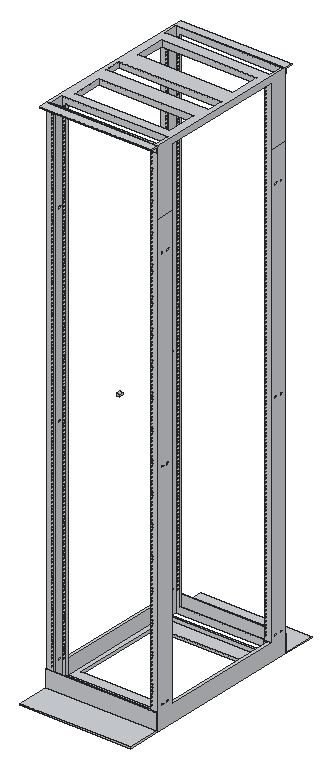
Revit family
Parameters
  Material ID = "760082537\r\n"
  Description = "29 IN (737 MM) D X 8 FT (2438 MM) H - 19 IN (482.6 MM) AL EQUIPMENT RACK (52U) 12-24 TAPPED RAILS, BLACK\r\n"
Reference planes (in)
  plane 1 "Center (Front/Back)": y = 0
  plane 2: z = 0
  plane 3 "Center (Left/Right)": x = 0
Forms (in)
  Extrusion 1, solid, not visible
    sketch origin (0, -14.305, 0) x (1, 0, 0) y (0, 0, 1)
      loop
        line (-8.5516, 0.86) -> (-8.5516, 0.46) -> (-7.9516, 0.46) -> (-7.9516, 0.86) -> (-8.5516, 0.86)
    from 0 to 0.77696
  Extrusion 2, solid
    sketch origin (0, 0, 0) x (1, 0, 0) y (0, 0, 1)
      loop
        line (-10.175, 42) -> (-10.175, -42) -> (10.175, -42) -> (10.175, 42) -> (10.175, 54.12) -> (-10.175, 54.12) -> (-10.175, 42)
    from 0 to 29
  Extrusion 3, void
    sketch origin (0, 0, 0) x (1, 0, 0) y (0, 0, 1)
      loop
        line (-8.905, 53.06396) -> (-8.905, -40.8) -> (8.905, -40.8) -> (8.905, 53.06396) -> (-8.905, 53.06396)
    from 0 to 36
  Extrusion 4, void
    sketch origin (0, 0, 0) x (0, 1, 0) y (0, 0, 1)
      loop
        line (-3, 53.06396) -> (-25.79784, 53.06396) -> (-25.79784, -38.785) -> (-3, -38.785) -> (-3, 53.06396)
    from -31.70377 to 17.99623
  Extrusion 5, void
    sketch origin (0, 0, 0) x (0, 1, 0) y (0, 0, 1)
      loop
        line (-0.2, 59.72052) -> (-2.8, 59.72052) -> (-2.8, -66.46573) -> (-0.2, -66.46573) -> (-0.2, 59.72052)
    from -9.61605 to 9.71756
  Extrusion 6, void
    sketch origin (0, -29, 0) x (0, -1, 0) y (0, 0, -1)
      loop
        line (-0.2, -59.72052) -> (-0.2, 63.44959) -> (-2.8, 63.44959) -> (-2.8, -59.72052) -> (-0.2, -59.72052)
    from -9.61605 to 9.71756
  Extrusion 7, solid
    sketch origin (0, 0, -12) x (0, 1, 0) y (0, 0, 1)
      loop
        line (-29, -29.985) -> (-29, -26.785) -> (-29.2, -26.785) -> (-29.2, -29.785) -> (-35.2, -29.785) -> (-35.2, -29.985) -> (-29, -29.985)
      loop
        line (-29, 66.12) -> (-30.575, 66.12) -> (-30.575, 65.92) -> (-29.2, 65.92) -> (-29.2, 65.06396) -> (-29, 65.06396) -> (-29, 66.12)
      loop
        line (0, 66.12) -> (0, 65.06396) -> (0.2, 65.06396) -> (0.2, 65.92) -> (1.575, 65.92) -> (1.575, 66.12) -> (0, 66.12)
      loop
        line (0, -30) -> (6.2, -30) -> (6.2, -29.8) -> (0.2, -29.8) -> (0.2, -26.8) -> (0, -26.8) -> (0, -30)
    from -10.155 to 10.155
  Extrusion 8, void
    sketch origin (0, 0, 0) x (1, 0, 0) y (0, 1, 0)
      loop
        line (8.81573, -4.65622) -> (-8.68427, -4.65622) -> (-8.68427, -10.15622) -> (8.81573, -10.15622) -> (8.81573, -4.65622)
      loop
        line (9.39397, -13.32974) -> (-9.60603, -13.32974) -> (-9.60603, -16.32974) -> (9.39397, -16.32974) -> (9.39397, -13.32974)
      loop
        line (8.81573, -19.04784) -> (-8.68427, -19.04784) -> (-8.68427, -24.54784) -> (8.81573, -24.54784) -> (8.81573, -19.04784)
    from 62.04366 to 16.10929
  Extrusion 9, void
    sketch origin (0, 0, 0) x (1, 0, 0) y (0, 1, 0)
      loop
        line (8.74608, -23) -> (8.74608, -5.96462) -> (-8.75392, -5.96462) -> (-8.75392, -23) -> (8.74608, -23)
    from -52.54303 to 38.86972
  Extrusion 10, void
    sketch origin (0, 0, 0) x (0, 1, 0) y (0, 0, 1)
      loop
        circle (-26.875, 36.12) r 0.335
      loop
        circle (-28.125, 36.12) r 0.335
      loop
        circle (-0.875, 36.12) r 0.335
      loop
        circle (-2.125, 36.12) r 0.335
      loop
        circle (-26.875, 1.12) r 0.335
      loop
        circle (-28.125, 1.12) r 0.335
      loop
        circle (-0.875, 1.12) r 0.335
      loop
        circle (-2.125, 1.12) r 0.335
      loop
        circle (-26.875, -37.88) r 0.335
      loop
        circle (-28.125, -37.88) r 0.335
      loop
        circle (-0.875, -37.88) r 0.335
      loop
        circle (-2.125, -37.88) r 0.335
    from -24.88707 to 25.18322
  Extrusion 11, void
    sketch origin (0, 0, 0) x (1, 0, 0) y (0, 1, 0)
      loop
        line (-9.68285, -25.79784) -> (9.56715, -25.79784) -> (9.56715, -3.2) -> (-9.68285, -3.2) -> (-9.68285, -25.79784)
    from -41.49635 to -29.49635
  Extrusion 12, void
    sketch origin (0, 0, -12.25) x (1, 0, 0) y (0, 0, 1)
      loop
        circle (-9.175, 52.515) r 0.089
      loop
        circle (-9.175, 51.89) r 0.089
      loop
        circle (-9.175, 51.265) r 0.089
      loop
        circle (9.175, 52.515) r 0.089
      loop
        circle (9.175, 51.89) r 0.089
      loop
        circle (9.175, 51.265) r 0.089
    from 0 to 36
  Extrusion 13, void
    sketch origin (0, 0, -14) x (1, 0, 0) y (0, 0, 1)
      loop
        circle (-9.175, 52.515) r 0.089
      loop
        circle (-9.175, 51.89) r 0.089
      loop
        circle (-9.175, 51.265) r 0.089
      loop
        circle (9.175, 52.515) r 0.089
      loop
        circle (9.175, 51.89) r 0.089
      loop
        circle (9.175, 51.265) r 0.089
    from 0 to 36
  Extrusion 14, void
    sketch origin (0, 0, -15.75) x (1, 0, 0) y (0, 0, 1)
      loop
        circle (-9.175, 52.515) r 0.089
      loop
        circle (-9.175, 51.89) r 0.089
      loop
        circle (-9.175, 51.265) r 0.089
      loop
        circle (9.175, 52.515) r 0.089
      loop
        circle (9.175, 51.89) r 0.089
      loop
        circle (9.175, 51.265) r 0.089
    from 0 to 36
  Extrusion 15, void
    sketch origin (0, 0, -17.5) x (1, 0, 0) y (0, 0, 1)
      loop
        circle (-9.175, 52.515) r 0.089
      loop
        circle (-9.175, 51.89) r 0.089
      loop
        circle (-9.175, 51.265) r 0.089
      loop
        circle (9.175, 52.515) r 0.089
      loop
        circle (9.175, 51.89) r 0.089
      loop
        circle (9.175, 51.265) r 0.089
    from 0 to 36
  Extrusion 16, void
    sketch origin (0, 0, -19.25) x (1, 0, 0) y (0, 0, 1)
      loop
        circle (-9.175, 52.515) r 0.089
      loop
        circle (-9.175, 51.89) r 0.089
      loop
        circle (-9.175, 51.265) r 0.089
      loop
        circle (9.175, 52.515) r 0.089
      loop
        circle (9.175, 51.89) r 0.089
      loop
        circle (9.175, 51.265) r 0.089
    from 0 to 36
  Extrusion 17, void
    sketch origin (0, 0, -21) x (1, 0, 0) y (0, 0, 1)
      loop
        circle (-9.175, 52.515) r 0.089
      loop
        circle (-9.175, 51.89) r 0.089
      loop
        circle (-9.175, 51.265) r 0.089
      loop
        circle (9.175, 52.515) r 0.089
      loop
        circle (9.175, 51.89) r 0.089
      loop
        circle (9.175, 51.265) r 0.089
    from 0 to 36
  Extrusion 18, void
    sketch origin (0, 0, -22.75) x (1, 0, 0) y (0, 0, 1)
      loop
        circle (-9.175, 52.515) r 0.089
      loop
        circle (-9.175, 51.89) r 0.089
      loop
        circle (-9.175, 51.265) r 0.089
      loop
        circle (9.175, 52.515) r 0.089
      loop
        circle (9.175, 51.89) r 0.089
      loop
        circle (9.175, 51.265) r 0.089
    from 0 to 36
  Extrusion 19, void
    sketch origin (0, 0, -24.5) x (1, 0, 0) y (0, 0, 1)
      loop
        circle (-9.175, 52.515) r 0.089
      loop
        circle (-9.175, 51.89) r 0.089
      loop
        circle (-9.175, 51.265) r 0.089
      loop
        circle (9.175, 52.515) r 0.089
      loop
        circle (9.175, 51.89) r 0.089
      loop
        circle (9.175, 51.265) r 0.089
    from 0 to 36
  Extrusion 20, void
    sketch origin (0, 0, -26.25) x (1, 0, 0) y (0, 0, 1)
      loop
        circle (-9.175, 52.515) r 0.089
      loop
        circle (-9.175, 51.89) r 0.089
      loop
        circle (-9.175, 51.265) r 0.089
      loop
        circle (9.175, 52.515) r 0.089
      loop
        circle (9.175, 51.89) r 0.089
      loop
        circle (9.175, 51.265) r 0.089
    from 0 to 36
  Extrusion 21, void
    sketch origin (0, 0, -28) x (1, 0, 0) y (0, 0, 1)
      loop
        circle (-9.175, 52.515) r 0.089
      loop
        circle (-9.175, 51.89) r 0.089
      loop
        circle (-9.175, 51.265) r 0.089
      loop
        circle (9.175, 52.515) r 0.089
      loop
        circle (9.175, 51.89) r 0.089
      loop
        circle (9.175, 51.265) r 0.089
    from 0 to 36
  Extrusion 22, void
    sketch origin (0, 0, -29.75) x (1, 0, 0) y (0, 0, 1)
      loop
        circle (-9.175, 52.515) r 0.089
      loop
        circle (-9.175, 51.89) r 0.089
      loop
        circle (-9.175, 51.265) r 0.089
      loop
        circle (9.175, 52.515) r 0.089
      loop
        circle (9.175, 51.89) r 0.089
      loop
        circle (9.175, 51.265) r 0.089
    from 0 to 36
  Extrusion 23, void
    sketch origin (0, 0, -31.5) x (1, 0, 0) y (0, 0, 1)
      loop
        circle (-9.175, 52.515) r 0.089
      loop
        circle (-9.175, 51.89) r 0.089
      loop
        circle (-9.175, 51.265) r 0.089
      loop
        circle (9.175, 52.515) r 0.089
      loop
        circle (9.175, 51.89) r 0.089
      loop
        circle (9.175, 51.265) r 0.089
    from 0 to 36
  Extrusion 24, void
    sketch origin (0, 0, -33.25) x (1, 0, 0) y (0, 0, 1)
      loop
        circle (-9.175, 52.515) r 0.089
      loop
        circle (-9.175, 51.89) r 0.089
      loop
        circle (-9.175, 51.265) r 0.089
      loop
        circle (9.175, 52.515) r 0.089
      loop
        circle (9.175, 51.89) r 0.089
      loop
        circle (9.175, 51.265) r 0.089
    from 0 to 36
  Extrusion 25, void
    sketch origin (0, 0, -35) x (1, 0, 0) y (0, 0, 1)
      loop
        circle (-9.175, 52.515) r 0.089
      loop
        circle (-9.175, 51.89) r 0.089
      loop
        circle (-9.175, 51.265) r 0.089
      loop
        circle (9.175, 52.515) r 0.089
      loop
        circle (9.175, 51.89) r 0.089
      loop
        circle (9.175, 51.265) r 0.089
    from 0 to 36
  Extrusion 26, void
    sketch origin (0, 0, -36.75) x (1, 0, 0) y (0, 0, 1)
      loop
        circle (-9.175, 52.515) r 0.089
      loop
        circle (-9.175, 51.89) r 0.089
      loop
        circle (-9.175, 51.265) r 0.089
      loop
        circle (9.175, 52.515) r 0.089
      loop
        circle (9.175, 51.89) r 0.089
      loop
        circle (9.175, 51.265) r 0.089
    from 0 to 36
  Extrusion 27, void
    sketch origin (0, 0, -38.5) x (1, 0, 0) y (0, 0, 1)
      loop
        circle (-9.175, 52.515) r 0.089
      loop
        circle (-9.175, 51.89) r 0.089
      loop
        circle (-9.175, 51.265) r 0.089
      loop
        circle (9.175, 52.515) r 0.089
      loop
        circle (9.175, 51.89) r 0.089
      loop
        circle (9.175, 51.265) r 0.089
    from 0 to 36
  Extrusion 28, void
    sketch origin (0, 0, -40.25) x (1, 0, 0) y (0, 0, 1)
      loop
        circle (-9.175, 52.515) r 0.089
      loop
        circle (-9.175, 51.89) r 0.089
      loop
        circle (-9.175, 51.265) r 0.089
      loop
        circle (9.175, 52.515) r 0.089
      loop
        circle (9.175, 51.89) r 0.089
      loop
        circle (9.175, 51.265) r 0.089
    from 0 to 36
  Extrusion 29, void
    sketch origin (0, 0, -42) x (1, 0, 0) y (0, 0, 1)
      loop
        circle (-9.175, 52.515) r 0.089
      loop
        circle (-9.175, 51.89) r 0.089
      loop
        circle (-9.175, 51.265) r 0.089
      loop
        circle (9.175, 52.515) r 0.089
      loop
        circle (9.175, 51.89) r 0.089
      loop
        circle (9.175, 51.265) r 0.089
    from 0 to 36
  Extrusion 30, void
    sketch origin (0, 0, -43.75) x (1, 0, 0) y (0, 0, 1)
      loop
        circle (-9.175, 52.515) r 0.089
      loop
        circle (-9.175, 51.89) r 0.089
      loop
        circle (-9.175, 51.265) r 0.089
      loop
        circle (9.175, 52.515) r 0.089
      loop
        circle (9.175, 51.89) r 0.089
      loop
        circle (9.175, 51.265) r 0.089
    from 0 to 36
  Extrusion 31, void
    sketch origin (0, 0, -45.5) x (1, 0, 0) y (0, 0, 1)
      loop
        circle (-9.175, 52.515) r 0.089
      loop
        circle (-9.175, 51.89) r 0.089
      loop
        circle (-9.175, 51.265) r 0.089
      loop
        circle (9.175, 52.515) r 0.089
      loop
        circle (9.175, 51.89) r 0.089
      loop
        circle (9.175, 51.265) r 0.089
    from 0 to 36
  Extrusion 32, void
    sketch origin (0, 0, -47.25) x (1, 0, 0) y (0, 0, 1)
      loop
        circle (-9.175, 52.515) r 0.089
      loop
        circle (-9.175, 51.89) r 0.089
      loop
        circle (-9.175, 51.265) r 0.089
      loop
        circle (9.175, 52.515) r 0.089
      loop
        circle (9.175, 51.89) r 0.089
      loop
        circle (9.175, 51.265) r 0.089
    from 0 to 36
  Extrusion 33, void
    sketch origin (0, 0, -49) x (1, 0, 0) y (0, 0, 1)
      loop
        circle (-9.175, 52.515) r 0.089
      loop
        circle (-9.175, 51.89) r 0.089
      loop
        circle (-9.175, 51.265) r 0.089
      loop
        circle (9.175, 52.515) r 0.089
      loop
        circle (9.175, 51.89) r 0.089
      loop
        circle (9.175, 51.265) r 0.089
    from 0 to 36
  Extrusion 34, void
    sketch origin (0, 0, -50.75) x (1, 0, 0) y (0, 0, 1)
      loop
        circle (-9.175, 52.515) r 0.089
      loop
        circle (-9.175, 51.89) r 0.089
      loop
        circle (-9.175, 51.265) r 0.089
      loop
        circle (9.175, 52.515) r 0.089
      loop
        circle (9.175, 51.89) r 0.089
      loop
        circle (9.175, 51.265) r 0.089
    from 0 to 36
  Extrusion 35, void
    sketch origin (0, 0, -52.5) x (1, 0, 0) y (0, 0, 1)
      loop
        circle (-9.175, 52.515) r 0.089
      loop
        circle (-9.175, 51.89) r 0.089
      loop
        circle (-9.175, 51.265) r 0.089
      loop
        circle (9.175, 52.515) r 0.089
      loop
        circle (9.175, 51.89) r 0.089
      loop
        circle (9.175, 51.265) r 0.089
    from 0 to 36
  Extrusion 36, void
    sketch origin (0, 0, -54.25) x (1, 0, 0) y (0, 0, 1)
      loop
        circle (-9.175, 52.515) r 0.089
      loop
        circle (-9.175, 51.89) r 0.089
      loop
        circle (-9.175, 51.265) r 0.089
      loop
        circle (9.175, 52.515) r 0.089
      loop
        circle (9.175, 51.89) r 0.089
      loop
        circle (9.175, 51.265) r 0.089
    from 0 to 36
  Extrusion 37, void
    sketch origin (0, 0, -56) x (1, 0, 0) y (0, 0, 1)
      loop
        circle (-9.175, 52.515) r 0.089
      loop
        circle (-9.175, 51.89) r 0.089
      loop
        circle (-9.175, 51.265) r 0.089
      loop
        circle (9.175, 52.515) r 0.089
      loop
        circle (9.175, 51.89) r 0.089
      loop
        circle (9.175, 51.265) r 0.089
    from 0 to 36
  Extrusion 38, void
    sketch origin (0, 0, -57.75) x (1, 0, 0) y (0, 0, 1)
      loop
        circle (-9.175, 52.515) r 0.089
      loop
        circle (-9.175, 51.89) r 0.089
      loop
        circle (-9.175, 51.265) r 0.089
      loop
        circle (9.175, 52.515) r 0.089
      loop
        circle (9.175, 51.89) r 0.089
      loop
        circle (9.175, 51.265) r 0.089
    from 0 to 36
  Extrusion 39, void
    sketch origin (0, 0, -59.5) x (1, 0, 0) y (0, 0, 1)
      loop
        circle (-9.175, 52.515) r 0.089
      loop
        circle (-9.175, 51.89) r 0.089
      loop
        circle (-9.175, 51.265) r 0.089
      loop
        circle (9.175, 52.515) r 0.089
      loop
        circle (9.175, 51.89) r 0.089
      loop
        circle (9.175, 51.265) r 0.089
    from 0 to 36
  Extrusion 40, void
    sketch origin (0, 0, -61.25) x (1, 0, 0) y (0, 0, 1)
      loop
        circle (-9.175, 52.515) r 0.089
      loop
        circle (-9.175, 51.89) r 0.089
      loop
        circle (-9.175, 51.265) r 0.089
      loop
        circle (9.175, 52.515) r 0.089
      loop
        circle (9.175, 51.89) r 0.089
      loop
        circle (9.175, 51.265) r 0.089
    from 0 to 36
  Extrusion 41, void
    sketch origin (0, 0, -63) x (1, 0, 0) y (0, 0, 1)
      loop
        circle (-9.175, 52.515) r 0.089
      loop
        circle (-9.175, 51.89) r 0.089
      loop
        circle (-9.175, 51.265) r 0.089
      loop
        circle (9.175, 52.515) r 0.089
      loop
        circle (9.175, 51.89) r 0.089
      loop
        circle (9.175, 51.265) r 0.089
    from 0 to 36
  Extrusion 42, void
    sketch origin (0, 0, -64.75) x (1, 0, 0) y (0, 0, 1)
      loop
        circle (-9.175, 52.515) r 0.089
      loop
        circle (-9.175, 51.89) r 0.089
      loop
        circle (-9.175, 51.265) r 0.089
      loop
        circle (9.175, 52.515) r 0.089
      loop
        circle (9.175, 51.89) r 0.089
      loop
        circle (9.175, 51.265) r 0.089
    from 0 to 36
  Extrusion 43, void
    sketch origin (0, 0, -66.5) x (1, 0, 0) y (0, 0, 1)
      loop
        circle (-9.175, 52.515) r 0.089
      loop
        circle (-9.175, 51.89) r 0.089
      loop
        circle (-9.175, 51.265) r 0.089
      loop
        circle (9.175, 52.515) r 0.089
      loop
        circle (9.175, 51.89) r 0.089
      loop
        circle (9.175, 51.265) r 0.089
    from 0 to 36
  Extrusion 44, void
    sketch origin (0, 0, -68.25) x (1, 0, 0) y (0, 0, 1)
      loop
        circle (-9.175, 52.515) r 0.089
      loop
        circle (-9.175, 51.89) r 0.089
      loop
        circle (-9.175, 51.265) r 0.089
      loop
        circle (9.175, 52.515) r 0.089
      loop
        circle (9.175, 51.89) r 0.089
      loop
        circle (9.175, 51.265) r 0.089
    from 0 to 36
  Extrusion 45, void
    sketch origin (0, 0, -70) x (1, 0, 0) y (0, 0, 1)
      loop
        circle (-9.175, 52.515) r 0.089
      loop
        circle (-9.175, 51.89) r 0.089
      loop
        circle (-9.175, 51.265) r 0.089
      loop
        circle (9.175, 52.515) r 0.089
      loop
        circle (9.175, 51.89) r 0.089
      loop
        circle (9.175, 51.265) r 0.089
    from 0 to 36
  Extrusion 46, void
    sketch origin (0, 0, -71.75) x (1, 0, 0) y (0, 0, 1)
      loop
        circle (-9.175, 52.515) r 0.089
      loop
        circle (-9.175, 51.89) r 0.089
      loop
        circle (-9.175, 51.265) r 0.089
      loop
        circle (9.175, 52.515) r 0.089
      loop
        circle (9.175, 51.89) r 0.089
      loop
        circle (9.175, 51.265) r 0.089
    from 0 to 36
  Extrusion 47, void
    sketch origin (0, 0, -73.5) x (1, 0, 0) y (0, 0, 1)
      loop
        circle (-9.175, 52.515) r 0.089
      loop
        circle (-9.175, 51.89) r 0.089
      loop
        circle (-9.175, 51.265) r 0.089
      loop
        circle (9.175, 52.515) r 0.089
      loop
        circle (9.175, 51.89) r 0.089
      loop
        circle (9.175, 51.265) r 0.089
    from 0 to 36
  Extrusion 48, void
    sketch origin (0, 0, -75.25) x (1, 0, 0) y (0, 0, 1)
      loop
        circle (-9.175, 52.515) r 0.089
      loop
        circle (-9.175, 51.89) r 0.089
      loop
        circle (-9.175, 51.265) r 0.089
      loop
        circle (9.175, 52.515) r 0.089
      loop
        circle (9.175, 51.89) r 0.089
      loop
        circle (9.175, 51.265) r 0.089
    from 0 to 36
  Extrusion 49, void
    sketch origin (0, 0, -77) x (1, 0, 0) y (0, 0, 1)
      loop
        circle (-9.175, 52.515) r 0.089
      loop
        circle (-9.175, 51.89) r 0.089
      loop
        circle (-9.175, 51.265) r 0.089
      loop
        circle (9.175, 52.515) r 0.089
      loop
        circle (9.175, 51.89) r 0.089
      loop
        circle (9.175, 51.265) r 0.089
    from 0 to 36
  Extrusion 50, void
    sketch origin (0, 0, -78.75) x (1, 0, 0) y (0, 0, 1)
      loop
        circle (-9.175, 52.515) r 0.089
      loop
        circle (-9.175, 51.89) r 0.089
      loop
        circle (-9.175, 51.265) r 0.089
      loop
        circle (9.175, 52.515) r 0.089
      loop
        circle (9.175, 51.89) r 0.089
      loop
        circle (9.175, 51.265) r 0.089
    from 0 to 36
  Extrusion 51, void
    sketch origin (0, 0, -80.5) x (1, 0, 0) y (0, 0, 1)
      loop
        circle (-9.175, 52.515) r 0.089
      loop
        circle (-9.175, 51.89) r 0.089
      loop
        circle (-9.175, 51.265) r 0.089
      loop
        circle (9.175, 52.515) r 0.089
      loop
        circle (9.175, 51.89) r 0.089
      loop
        circle (9.175, 51.265) r 0.089
    from 0 to 36
  Extrusion 52, void
    sketch origin (0, 0, -82.25) x (1, 0, 0) y (0, 0, 1)
      loop
        circle (-9.175, 52.515) r 0.089
      loop
        circle (-9.175, 51.89) r 0.089
      loop
        circle (-9.175, 51.265) r 0.089
      loop
        circle (9.175, 52.515) r 0.089
      loop
        circle (9.175, 51.89) r 0.089
      loop
        circle (9.175, 51.265) r 0.089
    from 0 to 36
  Extrusion 53, void
    sketch origin (0, 0, -84) x (1, 0, 0) y (0, 0, 1)
      loop
        circle (-9.175, 52.515) r 0.089
      loop
        circle (-9.175, 51.89) r 0.089
      loop
        circle (-9.175, 51.265) r 0.089
      loop
        circle (9.175, 52.515) r 0.089
      loop
        circle (9.175, 51.89) r 0.089
      loop
        circle (9.175, 51.265) r 0.089
    from 0 to 36
  Extrusion 54, void
    sketch origin (0, 0, -85.75) x (1, 0, 0) y (0, 0, 1)
      loop
        circle (-9.175, 52.515) r 0.089
      loop
        circle (-9.175, 51.89) r 0.089
      loop
        circle (-9.175, 51.265) r 0.089
      loop
        circle (9.175, 52.515) r 0.089
      loop
        circle (9.175, 51.89) r 0.089
      loop
        circle (9.175, 51.265) r 0.089
    from 0 to 36
  Extrusion 55, void
    sketch origin (0, 0, -87.5) x (1, 0, 0) y (0, 0, 1)
      loop
        circle (-9.175, 52.515) r 0.089
      loop
        circle (-9.175, 51.89) r 0.089
      loop
        circle (-9.175, 51.265) r 0.089
      loop
        circle (9.175, 52.515) r 0.089
      loop
        circle (9.175, 51.89) r 0.089
      loop
        circle (9.175, 51.265) r 0.089
    from 0 to 36
  Extrusion 56, void
    sketch origin (0, 0, -89.25) x (1, 0, 0) y (0, 0, 1)
      loop
        circle (-9.175, 52.515) r 0.089
      loop
        circle (-9.175, 51.89) r 0.089
      loop
        circle (-9.175, 51.265) r 0.089
      loop
        circle (9.175, 52.515) r 0.089
      loop
        circle (9.175, 51.89) r 0.089
      loop
        circle (9.175, 51.265) r 0.089
    from 0 to 36
  Extrusion 57, void
    sketch origin (0, 0, -10.5) x (1, 0, 0) y (0, 0, 1)
      loop
        circle (-9.175, 52.515) r 0.089
      loop
        circle (-9.175, 51.89) r 0.089
      loop
        circle (-9.175, 51.265) r 0.089
      loop
        circle (9.175, 52.515) r 0.089
      loop
        circle (9.175, 51.89) r 0.089
      loop
        circle (9.175, 51.265) r 0.089
    from 0 to 36
  Extrusion 58, void
    sketch origin (0, 0, -8.75) x (1, 0, 0) y (0, 0, 1)
      loop
        circle (-9.175, 52.515) r 0.089
      loop
        circle (-9.175, 51.89) r 0.089
      loop
        circle (-9.175, 51.265) r 0.089
      loop
        circle (9.175, 52.515) r 0.089
      loop
        circle (9.175, 51.89) r 0.089
      loop
        circle (9.175, 51.265) r 0.089
    from 0 to 36
  Extrusion 59, void
    sketch origin (0, 0, -7) x (1, 0, 0) y (0, 0, 1)
      loop
        circle (-9.175, 52.515) r 0.089
      loop
        circle (-9.175, 51.89) r 0.089
      loop
        circle (-9.175, 51.265) r 0.089
      loop
        circle (9.175, 52.515) r 0.089
      loop
        circle (9.175, 51.89) r 0.089
      loop
        circle (9.175, 51.265) r 0.089
    from 0 to 36
  Extrusion 60, void
    sketch origin (0, 0, -5.25) x (1, 0, 0) y (0, 0, 1)
      loop
        circle (-9.175, 52.515) r 0.089
      loop
        circle (-9.175, 51.89) r 0.089
      loop
        circle (-9.175, 51.265) r 0.089
      loop
        circle (9.175, 52.515) r 0.089
      loop
        circle (9.175, 51.89) r 0.089
      loop
        circle (9.175, 51.265) r 0.089
    from 0 to 36
  Extrusion 61, void
    sketch origin (0, 0, -3.5) x (1, 0, 0) y (0, 0, 1)
      loop
        circle (-9.175, 52.515) r 0.089
      loop
        circle (-9.175, 51.89) r 0.089
      loop
        circle (-9.175, 51.265) r 0.089
      loop
        circle (9.175, 52.515) r 0.089
      loop
        circle (9.175, 51.89) r 0.089
      loop
        circle (9.175, 51.265) r 0.089
    from 0 to 36
  Extrusion 62, void
    sketch origin (0, 0, -1.75) x (1, 0, 0) y (0, 0, 1)
      loop
        circle (-9.175, 52.515) r 0.089
      loop
        circle (-9.175, 51.89) r 0.089
      loop
        circle (-9.175, 51.265) r 0.089
      loop
        circle (9.175, 52.515) r 0.089
      loop
        circle (9.175, 51.89) r 0.089
      loop
        circle (9.175, 51.265) r 0.089
    from 0 to 36
  Extrusion 63, void
    sketch origin (0, 0, 0) x (1, 0, 0) y (0, 0, 1)
      loop
        circle (-9.175, 52.515) r 0.089
      loop
        circle (-9.175, 51.89) r 0.089
      loop
        circle (-9.175, 51.265) r 0.089
      loop
        circle (9.175, 52.515) r 0.089
      loop
        circle (9.175, 51.89) r 0.089
      loop
        circle (9.175, 51.265) r 0.089
    from 0 to 36
Cuts and joins
  Extrusion 3, Extrusion 4, Extrusion 5, Extrusion 6, Extrusion 8, Extrusion 9, Extrusion 10, Extrusion 11, Extrusion 12, Extrusion 13, Extrusion 14, Extrusion 15, Extrusion 16, Extrusion 17, Extrusion 18, Extrusion 19, Extrusion 20, Extrusion 21, Extrusion 22, Extrusion 23, Extrusion 24, Extrusion 25, Extrusion 26, Extrusion 27, Extrusion 28, Extrusion 29, Extrusion 30, Extrusion 31, Extrusion 32, Extrusion 33, Extrusion 34, Extrusion 35, Extrusion 36, Extrusion 37, Extrusion 38, Extrusion 39, Extrusion 40, Extrusion 41, Extrusion 42, Extrusion 43, Extrusion 44, Extrusion 45, Extrusion 46, Extrusion 47, Extrusion 48, Extrusion 49, Extrusion 50, Extrusion 51, Extrusion 52, Extrusion 53, Extrusion 54, Extrusion 55, Extrusion 56, Extrusion 57, Extrusion 58, Extrusion 59, Extrusion 60, Extrusion 61, Extrusion 62, Extrusion 63 cuts Extrusion 2
  Extrusion 8, Extrusion 9, Extrusion 10, Extrusion 11, Extrusion 12, Extrusion 13, Extrusion 14, Extrusion 15, Extrusion 16, Extrusion 17, Extrusion 18, Extrusion 19, Extrusion 20, Extrusion 21, Extrusion 22, Extrusion 23, Extrusion 24, Extrusion 25, Extrusion 26, Extrusion 27, Extrusion 28, Extrusion 29, Extrusion 30, Extrusion 31, Extrusion 32, Extrusion 33, Extrusion 34, Extrusion 35, Extrusion 36, Extrusion 37, Extrusion 38, Extrusion 39, Extrusion 40, Extrusion 41, Extrusion 42, Extrusion 43, Extrusion 44, Extrusion 45, Extrusion 46, Extrusion 47, Extrusion 48, Extrusion 49, Extrusion 50, Extrusion 51, Extrusion 52, Extrusion 53, Extrusion 54, Extrusion 55, Extrusion 56, Extrusion 57, Extrusion 58, Extrusion 59, Extrusion 60, Extrusion 61, Extrusion 62, Extrusion 63 cuts Extrusion 7
